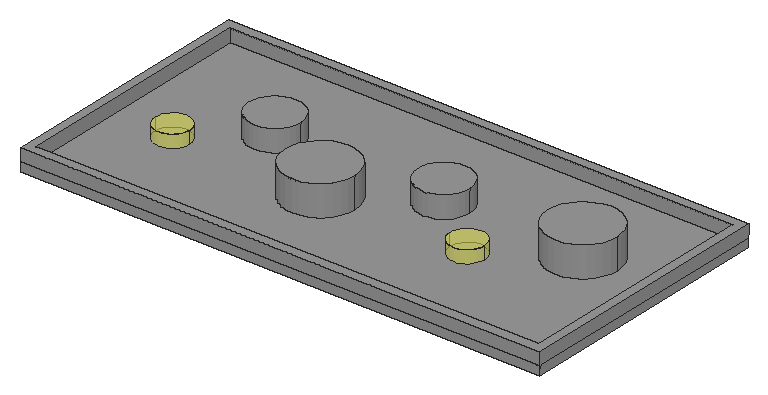
Revit family "Balance_Logs", category Generic Models, Revit 2025
Family settings
  Can host rebar = No
  Round Connector Dimension = Use Diameter
  Part Type = Normal
  Work Plane-Based = No
  Always vertical = Yes
  Cut with Voids When Loaded = No
  Maintain Annotation Orientation = No
  Shared = No
  Room Calculation Point = No
Parameters
  Default Elevation = 0 mm
Reference planes
  plane 1 "Center (Front/Back)": y = 0
  plane 2: z = 0
  plane 3 "Center (Left/Right)": x = 0
Forms (mm)
  Extrusion 1, solid, material "Grass"
    sketch origin (0, -1500, 0) x (1, 0, 0) y (0, 1, 0)
      loop
        line (0, 1500) -> (0, -1500) -> (6000, -1500) -> (6000, 1500) -> (0, 1500)
    from 0 to 100
  Extrusion 2, solid, material "Brick, Common, Brown"
    sketch origin (0, 0, 0) x (1, 0, 0) y (0, 1, 0)
      loop
        line (0, 0) -> (0, -3000) -> (6000, -3000) -> (6000, 0) -> (0, 0)
      loop
        line (100, -2900) -> (5900, -2900) -> (5900, -100) -> (100, -100) -> (100, -2900)
    from 0 to 250
  Extrusion 3, solid, material "Analytical Panels"
    sketch origin (0, 0, 0) x (1, 0, 0) y (0, 1, 0)
      loop
        circle (800, -1800) r 200
      loop
        circle (4200, -1800) r 200
    from 250 to 100
  Extrusion 4, solid, material "Default New Material"
    sketch origin (0, 0, 0) x (1, 0, 0) y (0, 1, 0)
      loop
        circle (1500, -1200) r 300
      loop
        circle (3450, -1200) r 300
    from 100 to 350
  Extrusion 5, solid, material "blue"
    sketch origin (0, 0, 0) x (1, 0, 0) y (0, 1, 0)
      loop
        circle (2500, -1800) r 400
      loop
        circle (5050, -1200) r 400
    from 100 to 450
Dimensions and locks
  aligned and locked: level to plane 2
